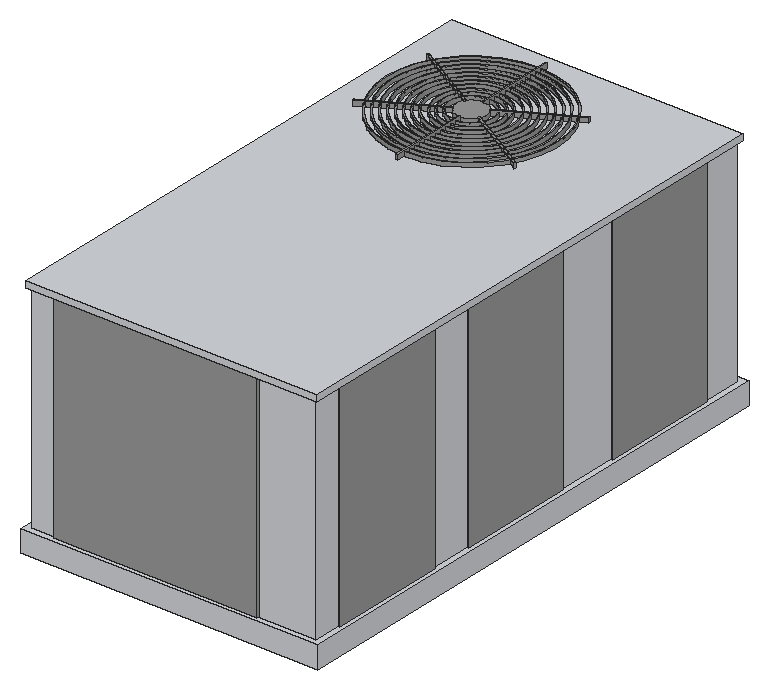
Revit family "RTU-2", category Mechanical Equipment, host Face, Revit 2025 (continued)
Definition of nested family "Family1"
  Automatic sketch dimensions
    Extrusion 17 sketch curve to Extrusion 17 sketch curve = 0.06651"  (x2)
    plane 40 to Extrusion 17 sketch curve = 0.45496"
    Extrusion 17 sketch curve to plane 40 = 0.38845"
    Extrusion 17 sketch curve to Extrusion 17 sketch curve = 1.06726"
    Extrusion 17 sketch curve to Extrusion 17 sketch curve = 0"
    Extrusion 18 sketch curve to plane 41 = 0"
    Extrusion 18 sketch curve to plane 42 = 0"  (x2)
    Extrusion 18 sketch curve to plane 41 = 0.18274"
    Extrusion 18 sketch curve to Extrusion 18 sketch curve = 0.06651"  (x2)
    plane 42 to Extrusion 18 sketch curve = 0.45496"
    Extrusion 18 sketch curve to plane 42 = 0.38845"
    Extrusion 18 sketch curve to Extrusion 18 sketch curve = 1.06726"
    Extrusion 18 sketch curve to Extrusion 18 sketch curve = 0"
    Extrusion 19 sketch curve to plane 43 = 0"
    Extrusion 19 sketch curve to plane 44 = 0"  (x2)
    Extrusion 19 sketch curve to plane 43 = 0.18274"
    Extrusion 19 sketch curve to Extrusion 19 sketch curve = 0.06651"  (x2)
    plane 44 to Extrusion 19 sketch curve = 0.45496"
    Extrusion 19 sketch curve to plane 44 = 0.38845"
    Extrusion 19 sketch curve to Extrusion 19 sketch curve = 1.06726"
    Extrusion 19 sketch curve to Extrusion 19 sketch curve = 0"
    Extrusion 20 sketch curve to plane 45 = 0"
    Extrusion 20 sketch curve to plane 46 = 0"  (x2)
    Extrusion 20 sketch curve to plane 45 = 0.18274"
    Extrusion 20 sketch curve to Extrusion 20 sketch curve = 0.06651"  (x2)
    plane 46 to Extrusion 20 sketch curve = 0.45496"
    Extrusion 20 sketch curve to plane 46 = 0.38845"
    Extrusion 20 sketch curve to Extrusion 20 sketch curve = 1.06726"
    Extrusion 20 sketch curve to Extrusion 20 sketch curve = 0"
    Extrusion 21 sketch curve to plane 47 = 0"
    Extrusion 21 sketch curve to plane 48 = 0"  (x2)
    Extrusion 21 sketch curve to plane 47 = 0.18274"
    Extrusion 21 sketch curve to Extrusion 21 sketch curve = 0.06651"  (x2)
    plane 48 to Extrusion 21 sketch curve = 0.45496"
    Extrusion 21 sketch curve to plane 48 = 0.38845"
    Extrusion 21 sketch curve to Extrusion 21 sketch curve = 1.06726"
    Extrusion 21 sketch curve to Extrusion 21 sketch curve = 0"
    Extrusion 22 sketch curve to plane 49 = 0"
    Extrusion 22 sketch curve to plane 50 = 0"  (x2)
    Extrusion 22 sketch curve to plane 49 = 0.18274"
    Extrusion 22 sketch curve to Extrusion 22 sketch curve = 0.06651"  (x2)
    plane 50 to Extrusion 22 sketch curve = 0.45496"
    Extrusion 22 sketch curve to plane 50 = 0.38845"
    Extrusion 22 sketch curve to Extrusion 22 sketch curve = 1.06726"
    Extrusion 22 sketch curve to Extrusion 22 sketch curve = 0"
    Extrusion 23 sketch curve to plane 51 = 0"
    Extrusion 23 sketch curve to plane 52 = 0"  (x2)
    Extrusion 23 sketch curve to plane 51 = 0.18274"
    Extrusion 23 sketch curve to Extrusion 23 sketch curve = 0.06651"  (x2)
    plane 52 to Extrusion 23 sketch curve = 0.45496"
    Extrusion 23 sketch curve to plane 52 = 0.38845"
    Extrusion 23 sketch curve to Extrusion 23 sketch curve = 1.06726"
    Extrusion 23 sketch curve to Extrusion 23 sketch curve = 0"
    Extrusion 24 sketch curve to plane 53 = 0"
    Extrusion 24 sketch curve to plane 54 = 0"  (x2)
    Extrusion 24 sketch curve to plane 53 = 0.18274"
    Extrusion 24 sketch curve to Extrusion 24 sketch curve = 0.06651"  (x2)
    plane 54 to Extrusion 24 sketch curve = 0.45496"
    Extrusion 24 sketch curve to plane 54 = 0.38845"
    Extrusion 24 sketch curve to Extrusion 24 sketch curve = 1.06726"
    Extrusion 24 sketch curve to Extrusion 24 sketch curve = 0"
    Extrusion 25 sketch curve to plane 55 = 0"
    Extrusion 25 sketch curve to plane 56 = 0"  (x2)
    Extrusion 25 sketch curve to plane 55 = 0.18274"
    Extrusion 25 sketch curve to Extrusion 25 sketch curve = 0.06651"  (x2)
    plane 56 to Extrusion 25 sketch curve = 0.45496"
    Extrusion 25 sketch curve to plane 56 = 0.38845"
    Extrusion 25 sketch curve to Extrusion 25 sketch curve = 1.06726"
    Extrusion 25 sketch curve to Extrusion 25 sketch curve = 0"
    Extrusion 26 sketch curve to plane 57 = 0"
    Extrusion 26 sketch curve to plane 58 = 0"  (x2)
    Extrusion 26 sketch curve to plane 57 = 0.18274"
    Extrusion 26 sketch curve to Extrusion 26 sketch curve = 0.06651"  (x2)
    plane 58 to Extrusion 26 sketch curve = 0.45496"
    Extrusion 26 sketch curve to plane 58 = 0.38845"
    Extrusion 26 sketch curve to Extrusion 26 sketch curve = 1.06726"
    Extrusion 26 sketch curve to Extrusion 26 sketch curve = 0"
    Extrusion 27 sketch curve to plane 59 = 0"
    Extrusion 27 sketch curve to plane 60 = 0"  (x2)
    Extrusion 27 sketch curve to plane 59 = 0.18274"
    Extrusion 27 sketch curve to Extrusion 27 sketch curve = 0.06651"  (x2)
    plane 60 to Extrusion 27 sketch curve = 0.45496"
    Extrusion 27 sketch curve to plane 60 = 0.38845"
    Extrusion 27 sketch curve to Extrusion 27 sketch curve = 1.06726"
    Extrusion 27 sketch curve to Extrusion 27 sketch curve = 0"
    Extrusion 28 sketch curve to plane 61 = 0"
    Extrusion 28 sketch curve to plane 62 = 0"  (x2)
    Extrusion 28 sketch curve to plane 61 = 0.18274"
    Extrusion 28 sketch curve to Extrusion 28 sketch curve = 0.06651"  (x2)
    plane 62 to Extrusion 28 sketch curve = 0.45496"
    Extrusion 28 sketch curve to plane 62 = 0.38845"
    Extrusion 28 sketch curve to Extrusion 28 sketch curve = 1.06726"
    Extrusion 28 sketch curve to Extrusion 28 sketch curve = 0"
    Extrusion 29 sketch curve to plane 63 = 0"
    Extrusion 29 sketch curve to plane 64 = 0"  (x2)
    Extrusion 29 sketch curve to plane 63 = 0.18274"
    Extrusion 29 sketch curve to Extrusion 29 sketch curve = 0.06651"  (x2)
    plane 64 to Extrusion 29 sketch curve = 0.45496"
    Extrusion 29 sketch curve to plane 64 = 0.38845"
    Extrusion 29 sketch curve to Extrusion 29 sketch curve = 1.06726"
    Extrusion 29 sketch curve to Extrusion 29 sketch curve = 0"
    Extrusion 30 sketch curve to plane 65 = 0"
    Extrusion 30 sketch curve to plane 66 = 0"  (x2)
    Extrusion 30 sketch curve to plane 65 = 0.18274"
    Extrusion 30 sketch curve to Extrusion 30 sketch curve = 0.06651"  (x2)
    plane 66 to Extrusion 30 sketch curve = 0.45496"
    Extrusion 30 sketch curve to plane 66 = 0.38845"
    Extrusion 30 sketch curve to Extrusion 30 sketch curve = 1.06726"
    Extrusion 30 sketch curve to Extrusion 30 sketch curve = 0"
    Extrusion 31 sketch curve to plane 67 = 0"
    Extrusion 31 sketch curve to plane 68 = 0"  (x2)
    Extrusion 31 sketch curve to plane 67 = 0.18274"
    Extrusion 31 sketch curve to Extrusion 31 sketch curve = 0.06651"  (x2)
    plane 68 to Extrusion 31 sketch curve = 0.45496"
    Extrusion 31 sketch curve to plane 68 = 0.38845"
    Extrusion 31 sketch curve to Extrusion 31 sketch curve = 1.06726"
    Extrusion 31 sketch curve to Extrusion 31 sketch curve = 0"
    Extrusion 32 sketch curve to plane 69 = 0"
    Extrusion 32 sketch curve to plane 70 = 0"  (x2)
    Extrusion 32 sketch curve to plane 69 = 0.18274"
    Extrusion 32 sketch curve to Extrusion 32 sketch curve = 0.06651"  (x2)
    plane 70 to Extrusion 32 sketch curve = 0.45496"
    Extrusion 32 sketch curve to plane 70 = 0.38845"
    Extrusion 32 sketch curve to Extrusion 32 sketch curve = 1.06726"
    Extrusion 32 sketch curve to Extrusion 32 sketch curve = 0"
    Extrusion 33 sketch curve to plane 71 = 0"
    Extrusion 33 sketch curve to plane 72 = 0"  (x2)
    Extrusion 33 sketch curve to plane 71 = 0.18274"
    Extrusion 33 sketch curve to Extrusion 33 sketch curve = 0.06651"  (x2)
    plane 72 to Extrusion 33 sketch curve = 0.45496"
    Extrusion 33 sketch curve to plane 72 = 0.38845"
    Extrusion 33 sketch curve to Extrusion 33 sketch curve = 1.06726"
    Extrusion 33 sketch curve to Extrusion 33 sketch curve = 0"
    Extrusion 34 sketch curve to plane 73 = 0"
    Extrusion 34 sketch curve to plane 74 = 0"  (x2)
    Extrusion 34 sketch curve to plane 73 = 0.18274"
    Extrusion 34 sketch curve to Extrusion 34 sketch curve = 0.06651"  (x2)
    plane 74 to Extrusion 34 sketch curve = 0.45496"
    Extrusion 34 sketch curve to plane 74 = 0.38845"
    Extrusion 34 sketch curve to Extrusion 34 sketch curve = 1.06726"
    Extrusion 34 sketch curve to Extrusion 34 sketch curve = 0"
    Extrusion 35 sketch curve to plane 75 = 0"
    Extrusion 35 sketch curve to plane 76 = 0"  (x2)
    Extrusion 35 sketch curve to plane 75 = 0.18274"
    Extrusion 35 sketch curve to Extrusion 35 sketch curve = 0.06651"  (x2)
    plane 76 to Extrusion 35 sketch curve = 0.45496"
    Extrusion 35 sketch curve to plane 76 = 0.38845"
    Extrusion 35 sketch curve to Extrusion 35 sketch curve = 1.06726"
    Extrusion 35 sketch curve to Extrusion 35 sketch curve = 0"
    Extrusion 36 sketch curve to plane 77 = 0"
    Extrusion 36 sketch curve to plane 78 = 0"  (x2)
    Extrusion 36 sketch curve to plane 77 = 0.18274"
    Extrusion 36 sketch curve to Extrusion 36 sketch curve = 0.06651"  (x2)
    plane 78 to Extrusion 36 sketch curve = 0.45496"
    Extrusion 36 sketch curve to plane 78 = 0.38845"
    Extrusion 36 sketch curve to Extrusion 36 sketch curve = 1.06726"
    Extrusion 36 sketch curve to Extrusion 36 sketch curve = 0"
    Extrusion 37 sketch curve to plane 79 = 0"
    Extrusion 37 sketch curve to plane 80 = 0"  (x2)
    Extrusion 37 sketch curve to plane 79 = 0.18274"
    Extrusion 37 sketch curve to Extrusion 37 sketch curve = 0.06651"  (x2)
    plane 80 to Extrusion 37 sketch curve = 0.45496"
    Extrusion 37 sketch curve to plane 80 = 0.38845"
    Extrusion 37 sketch curve to Extrusion 37 sketch curve = 1.06726"
    Extrusion 37 sketch curve to Extrusion 37 sketch curve = 0"
    Extrusion 38 sketch curve to plane 81 = 0"
    Extrusion 38 sketch curve to plane 82 = 0"  (x2)
    Extrusion 38 sketch curve to plane 81 = 0.18274"
    Extrusion 38 sketch curve to Extrusion 38 sketch curve = 0.06651"  (x2)
    plane 82 to Extrusion 38 sketch curve = 0.45496"
    Extrusion 38 sketch curve to plane 82 = 0.38845"
    Extrusion 38 sketch curve to Extrusion 38 sketch curve = 1.06726"
    Extrusion 38 sketch curve to Extrusion 38 sketch curve = 0"
    Extrusion 39 sketch curve to plane 83 = 0"
    Extrusion 39 sketch curve to plane 84 = 0"  (x2)
    Extrusion 39 sketch curve to plane 83 = 0.18274"
    Extrusion 39 sketch curve to Extrusion 39 sketch curve = 0.06651"  (x2)
    plane 84 to Extrusion 39 sketch curve = 0.45496"
    Extrusion 39 sketch curve to plane 84 = 0.38845"
    Extrusion 39 sketch curve to Extrusion 39 sketch curve = 1.06726"
    Extrusion 39 sketch curve to Extrusion 39 sketch curve = 0"
    Extrusion 40 sketch curve to plane 85 = 0"
    Extrusion 40 sketch curve to plane 86 = 0"  (x2)
    Extrusion 40 sketch curve to plane 85 = 0.18274"
    Extrusion 40 sketch curve to Extrusion 40 sketch curve = 0.06651"  (x2)
    plane 86 to Extrusion 40 sketch curve = 0.45496"
    Extrusion 40 sketch curve to plane 86 = 0.38845"
    Extrusion 40 sketch curve to Extrusion 40 sketch curve = 1.06726"
    Extrusion 40 sketch curve to Extrusion 40 sketch curve = 0"
    Extrusion 41 sketch curve to plane 87 = 0"
    Extrusion 41 sketch curve to plane 88 = 0"  (x2)
    Extrusion 41 sketch curve to plane 87 = 0.18274"
    Extrusion 41 sketch curve to Extrusion 41 sketch curve = 0.06651"  (x2)
    plane 88 to Extrusion 41 sketch curve = 0.45496"
    Extrusion 41 sketch curve to plane 88 = 0.38845"
    Extrusion 41 sketch curve to Extrusion 41 sketch curve = 1.06726"
    Extrusion 41 sketch curve to Extrusion 41 sketch curve = 0"
    Extrusion 42 sketch curve to plane 89 = 0"
    Extrusion 42 sketch curve to plane 90 = 0"  (x2)
    Extrusion 42 sketch curve to plane 89 = 0.18274"
    Extrusion 42 sketch curve to Extrusion 42 sketch curve = 0.06651"  (x2)
    plane 90 to Extrusion 42 sketch curve = 0.45496"
    Extrusion 42 sketch curve to plane 90 = 0.38845"
    Extrusion 42 sketch curve to Extrusion 42 sketch curve = 1.06726"
    Extrusion 42 sketch curve to Extrusion 42 sketch curve = 0"
    Extrusion 43 sketch curve to plane 91 = 0"
    Extrusion 43 sketch curve to plane 92 = 0"  (x2)
    Extrusion 43 sketch curve to plane 91 = 0.18274"
    Extrusion 43 sketch curve to Extrusion 43 sketch curve = 0.06651"  (x2)
    plane 92 to Extrusion 43 sketch curve = 0.45496"
    Extrusion 43 sketch curve to plane 92 = 0.38845"
    Extrusion 43 sketch curve to Extrusion 43 sketch curve = 1.06726"
    Extrusion 43 sketch curve to Extrusion 43 sketch curve = 0"
    Extrusion 44 sketch curve to plane 93 = 0"
    Extrusion 44 sketch curve to plane 94 = 0"  (x2)
    Extrusion 44 sketch curve to plane 93 = 0.18274"
    Extrusion 44 sketch curve to Extrusion 44 sketch curve = 0.06651"  (x2)
    plane 94 to Extrusion 44 sketch curve = 0.45496"
    Extrusion 44 sketch curve to plane 94 = 0.38845"
    Extrusion 44 sketch curve to Extrusion 44 sketch curve = 1.06726"
    Extrusion 44 sketch curve to Extrusion 44 sketch curve = 0"
    Extrusion 45 sketch curve to plane 95 = 0"
    Extrusion 45 sketch curve to plane 96 = 0"  (x2)
    Extrusion 45 sketch curve to plane 95 = 0.18274"
    Extrusion 45 sketch curve to Extrusion 45 sketch curve = 0.06651"  (x2)
    plane 96 to Extrusion 45 sketch curve = 0.45496"
    Extrusion 45 sketch curve to plane 96 = 0.38845"
    Extrusion 45 sketch curve to Extrusion 45 sketch curve = 1.06726"
    Extrusion 45 sketch curve to Extrusion 45 sketch curve = 0"
    Extrusion 46 sketch curve to plane 97 = 0"
    Extrusion 46 sketch curve to plane 98 = 0"  (x2)
    Extrusion 46 sketch curve to plane 97 = 0.18274"
    Extrusion 46 sketch curve to Extrusion 46 sketch curve = 0.06651"  (x2)
    plane 98 to Extrusion 46 sketch curve = 0.45496"
    Extrusion 46 sketch curve to plane 98 = 0.38845"
    Extrusion 46 sketch curve to Extrusion 46 sketch curve = 1.06726"
    Extrusion 46 sketch curve to Extrusion 46 sketch curve = 0"
    Extrusion 47 sketch curve to plane 99 = 0"
    Extrusion 47 sketch curve to plane 100 = 0"  (x2)
    Extrusion 47 sketch curve to plane 99 = 0.18274"
    Extrusion 47 sketch curve to Extrusion 47 sketch curve = 0.06651"  (x2)
    plane 100 to Extrusion 47 sketch curve = 0.45496"
    Extrusion 47 sketch curve to plane 100 = 0.38845"
    Extrusion 47 sketch curve to Extrusion 47 sketch curve = 1.06726"
    Extrusion 47 sketch curve to Extrusion 47 sketch curve = 0"
    Extrusion 48 sketch curve to plane 101 = 0"
    Extrusion 48 sketch curve to plane 102 = 0"  (x2)
    Extrusion 48 sketch curve to plane 101 = 0.18274"
    Extrusion 48 sketch curve to Extrusion 48 sketch curve = 0.06651"  (x2)
    plane 102 to Extrusion 48 sketch curve = 0.45496"
    Extrusion 48 sketch curve to plane 102 = 0.38845"
    Extrusion 48 sketch curve to Extrusion 48 sketch curve = 1.06726"
    Extrusion 48 sketch curve to Extrusion 48 sketch curve = 0"
    Extrusion 49 sketch curve to plane 103 = 0"
    Extrusion 49 sketch curve to plane 104 = 0"  (x2)
    Extrusion 49 sketch curve to plane 103 = 0.18274"
    Extrusion 49 sketch curve to Extrusion 49 sketch curve = 0.06651"  (x2)
    plane 104 to Extrusion 49 sketch curve = 0.45496"
    Extrusion 49 sketch curve to plane 104 = 0.38845"
    Extrusion 49 sketch curve to Extrusion 49 sketch curve = 1.06726"
    Extrusion 49 sketch curve to Extrusion 49 sketch curve = 0"
    Extrusion 50 sketch curve to plane 105 = 0"
    Extrusion 50 sketch curve to plane 106 = 0"  (x2)
    Extrusion 50 sketch curve to plane 105 = 0.18274"
    Extrusion 50 sketch curve to Extrusion 50 sketch curve = 0.06651"  (x2)
    plane 106 to Extrusion 50 sketch curve = 0.45496"
    Extrusion 50 sketch curve to plane 106 = 0.38845"
    Extrusion 50 sketch curve to Extrusion 50 sketch curve = 1.06726"
    Extrusion 50 sketch curve to Extrusion 50 sketch curve = 0"
    Extrusion 51 sketch curve to plane 107 = 0"
    Extrusion 51 sketch curve to plane 108 = 0"  (x2)
    Extrusion 51 sketch curve to plane 107 = 0.18274"
    Extrusion 51 sketch curve to Extrusion 51 sketch curve = 0.06651"  (x2)
    plane 108 to Extrusion 51 sketch curve = 0.45496"
    Extrusion 51 sketch curve to plane 108 = 0.38845"
    Extrusion 51 sketch curve to Extrusion 51 sketch curve = 1.06726"
    Extrusion 51 sketch curve to Extrusion 51 sketch curve = 0"
    Extrusion 52 sketch curve to plane 109 = 0"
    Extrusion 52 sketch curve to plane 110 = 0"  (x2)
    Extrusion 52 sketch curve to plane 109 = 0.18274"
    Extrusion 52 sketch curve to Extrusion 52 sketch curve = 0.06651"  (x2)
    plane 110 to Extrusion 52 sketch curve = 0.45496"
    Extrusion 52 sketch curve to plane 110 = 0.38845"
    Extrusion 52 sketch curve to Extrusion 52 sketch curve = 1.06726"
    Extrusion 52 sketch curve to Extrusion 52 sketch curve = 0"
    Extrusion 53 sketch curve to plane 111 = 0"
    Extrusion 53 sketch curve to plane 112 = 0"  (x2)
    Extrusion 53 sketch curve to plane 111 = 0.18274"
    Extrusion 53 sketch curve to Extrusion 53 sketch curve = 0.06651"  (x2)
    plane 112 to Extrusion 53 sketch curve = 0.45496"
    Extrusion 53 sketch curve to plane 112 = 0.38845"
    Extrusion 53 sketch curve to Extrusion 53 sketch curve = 1.06726"
    Extrusion 53 sketch curve to Extrusion 53 sketch curve = 0"
    Extrusion 54 sketch curve to plane 113 = 0"
    Extrusion 54 sketch curve to plane 114 = 0"  (x2)
    Extrusion 54 sketch curve to plane 113 = 0.18274"
    Extrusion 54 sketch curve to Extrusion 54 sketch curve = 0.06651"  (x2)
    plane 114 to Extrusion 54 sketch curve = 0.45496"
    Extrusion 54 sketch curve to plane 114 = 0.38845"
    Extrusion 54 sketch curve to Extrusion 54 sketch curve = 1.06726"
    Extrusion 54 sketch curve to Extrusion 54 sketch curve = 0"
    Extrusion 55 sketch curve to plane 115 = 0"
    Extrusion 55 sketch curve to plane 116 = 0"  (x2)
    Extrusion 55 sketch curve to plane 115 = 0.18274"
    Extrusion 55 sketch curve to Extrusion 55 sketch curve = 0.06651"  (x2)
    plane 116 to Extrusion 55 sketch curve = 0.45496"
    Extrusion 55 sketch curve to plane 116 = 0.38845"
    Extrusion 55 sketch curve to Extrusion 55 sketch curve = 1.06726"
    Extrusion 55 sketch curve to Extrusion 55 sketch curve = 0"
    Extrusion 56 sketch curve to plane 117 = 0"
    Extrusion 56 sketch curve to plane 118 = 0"  (x2)
    Extrusion 56 sketch curve to plane 117 = 0.18274"
    Extrusion 56 sketch curve to Extrusion 56 sketch curve = 0.06651"  (x2)
    plane 118 to Extrusion 56 sketch curve = 0.45496"
    Extrusion 56 sketch curve to plane 118 = 0.38845"
    Extrusion 56 sketch curve to Extrusion 56 sketch curve = 1.06726"
    Extrusion 56 sketch curve to Extrusion 56 sketch curve = 0"
